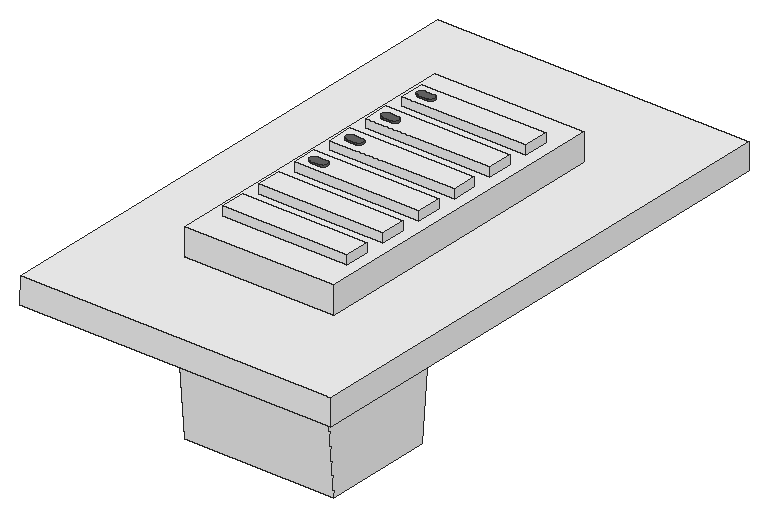
Revit family "NX_Specialty_Switch", category Electrical Equipment, host Face, Revit 2021
Family settings
  Host = Face
  Round Connector Dimension = Use Diameter
  Part Type = Equipment Switch
  OmniClass Number = 23.80.30.11.11
  OmniClass Title = Main Switches
  Cut with Voids When Loaded = No
  Shared = No
  Room Calculation Point = No
Parameters (values of type "NX")
  Weight = 0.045 kg  # constant formula
  Warranty = "Five-year limited"  # constant formula
  Voltage = "120V"
  URL = "https://www.currentlighting.com/nxlightingcontrols"
  Type Comments = "Electrical Equipment"  # constant formula
  Switch Type [instance] = NX-SS : NX-SS
  Relative Humidity = "0 to 95%"  # constant formula
  Product Page URL = ""
  Product Documentation Link = ""
  Power Requirements = "Powered by NX™ SmartPORT using plenum rated CAT5 cables"  # constant formula
  Power Factor = 1
  Operating Temperature = "32° to 104° [0° to 40°]"  # constant formula
  Operating Environment = "Indoor use only"  # constant formula
  Model = "NX Specialty Switches"  # constant formula
  Manufacturer = " NX Lighting Controls"  # constant formula
  Load Classification = Power
  Keynote = ""
  Device Material = Plastic - White
  Description = "Specialty Switch Stations"  # constant formula
  Default Elevation = 48.00"
  Copyright = "Copyright © NX Lighting Controls"  # constant formula
  Contact Us = ""
  Construction = "Housing - Rugged, high impact, injection molded plastic"  # constant formula
  Connector Description 1 = "Power Supply"  # constant formula
  Assembly Code = "D5020120"
  Apparent Load = 0.000 VA
Reference planes (in)
  plane 1 "Center (Front/Back)": y = 0
  plane 2 "Bottom": z = 0
  plane 3 "Center (Left/Right)": x = 0
Dimensions and locks (in)
  aligned and locked: plane 2 "Bottom" to host face
  aligned and locked: level to host face
  aligned and locked: plane 3 "Center (Left/Right)" to nested 1
  aligned and locked: plane 1 "Center (Front/Back)" to nested 1
  aligned and locked: plane 3 "Center (Left/Right)" to nested 2
  aligned and locked: plane 1 "Center (Front/Back)" to nested 2
Nested families (in)
  nested 1: "Switch" at (0, 0, 0), Product Material <- "Device Material", type "Switch"
    with Product Material Plastic - White
  nested 2: "NX-SS" at (0, 0, 0.425), type <- "Switch Type", type "NX-SS"
    with Product Material Plastic - White
Connectors (in)
  electrical at (0, 0, 0), driven by "Load Classification", driven by "Power Factor", driven by "Apparent Load", driven by "Connector Description 1"
    settings: on nested 1, index 1, voltage 120 V, apparent load 0.000 VA, apparent load phase1 0.000 VA, apparent load phase2 0.000 VA, apparent load phase3 0.000 VA, power factor 1, load classification "Power", number of poles 1, system type 30, power factor state 1, is connector primary yes, connector utility no, sub classification motor no, connector description "Power Supply"
Definition of nested family "Switch"
  Parameters
    URL = ""
    Type Comments = ""
    Product Page URL = ""
    Product Material [instance] = none
    Product Documentation Link = ""
    Model = ""
    Manufacturer = ""
    Keynote = ""
    Description = ""
    Default Elevation = 48.00"
  Reference planes (in)
    plane 1 "Center (Front/Back)": y = 0
    plane 2 "Bottom": z = 0
    plane 3 "Center (Left/Right)": x = 0
    plane 4: y = 2.08
    plane 5: z = 0.125
    plane 6: x = -0.86
    plane 7: y = -2.08
    plane 8: x = 0.86
    plane 9: x = -0.6
    plane 10: y = 1.36
    plane 11: y = -1.36
    plane 12: x = 0.6
    plane 13: y = 1.26
    plane 14: y = -1.26
    plane 15: z = -1.105
    plane 16: z = 0.425
    plane 17: x = -1.25
    plane 18: x = 1.25
    plane 19: y = 2.1
    plane 20: y = -2.1
    plane 21: x = -0.5
    plane 22: x = 0.5
    plane 23: z = 0.495
  Forms (in)
    Extrusion 1, solid
      sketch origin (0, 0, 0) x (1, 0, 0) y (0, 1, 0)
        loop
          line (-48, 48) -> (-48, -48) -> (48, -48) -> (48, 48) -> (-48, 48)
      from 0 to -12
    Extrusion 2, solid, material <- "Product Material"
      sketch origin (0, 0, 0) x (1, 0, 0) y (0, 1, 0)
        loop
          line (-0.86, 1.36) -> (-0.86, -1.36) -> (0.86, -1.36) -> (0.86, 1.36) -> (-0.86, 1.36)
      from 0 to 0.125
    Extrusion 3, solid, material <- "Product Material"
      sketch origin (0, 0, 0) x (1, 0, 0) y (0, 1, 0)
        loop
          line (-0.6, 2.08) -> (-0.6, 1.36) -> (0.6, 1.36) -> (0.6, 2.08) -> (-0.6, 2.08)
      from 0 to 0.125
    Extrusion 4, solid, material <- "Product Material"
      sketch origin (0, 0, 0) x (1, 0, 0) y (0, 1, 0)
        loop
          line (-0.6, -1.36) -> (-0.6, -2.08) -> (0.6, -2.08) -> (0.6, -1.36) -> (-0.6, -1.36)
      from 0 to 0.125
    Extrusion 5, solid, material <- "Product Material"
      sketch origin (0, 0, 0) x (1, 0, 0) y (0, 1, 0)
        loop
          line (-0.6, 1.26) -> (-0.6, -1.26) -> (0.6, -1.26) -> (0.6, 1.26) -> (-0.6, 1.26)
      from 0.125 to 0.425
    Extrusion 6, solid, material <- "Product Material"
      sketch origin (0, 0, 0) x (0, 1, 0) y (0, 0, 1)
        loop
          line (1.36, 0) -> (-1.36, 0) -> (-1.26, -1.105) -> (-0.37209, -1.105) -> (-0.3159, -0.48419) -> (1.26, -0.48419) -> (1.36, 0)
      from -0.6 to 0.6
    Extrusion 7, solid, material <- "Product Material"
      sketch origin (0, 0, 0) x (1, 0, 0) y (0, 1, 0)
        loop
          line (-1.25, 2.1) -> (-1.25, -2.1) -> (1.25, -2.1) -> (1.25, 2.1) -> (-1.25, 2.1)
        loop
          line (-0.6, 1.26) -> (-0.6, -1.26) -> (0.6, -1.26) -> (0.6, 1.26) -> (-0.6, 1.26)
      from 0 to 0.21096
  Dimensions and locks (in)
    locked: plane 4 to plane 7 at 4.16
    equal spacing: plane 6, plane 3 "Center (Left/Right)", plane 8
    locked: plane 6 to plane 8 at 1.72
    equal spacing: plane 10, plane 1 "Center (Front/Back)", plane 11
    locked: plane 11 to plane 10 at 2.72
    equal spacing: plane 4, plane 1 "Center (Front/Back)", plane 7
    equal spacing: plane 9, plane 3 "Center (Left/Right)", plane 12, locked at 0.6 each
    equal spacing: plane 14, plane 1 "Center (Front/Back)", plane 13, locked at 1.26 each  (x2)
    locked: plane 5 to plane 15 at 1.23
    locked: plane 5 to plane 2 "Bottom" at 0.125
    locked: plane 16 to plane 15 at 1.53
    equal spacing: plane 17, plane 3 "Center (Left/Right)", plane 18, locked at 1.25 each
    equal spacing: plane 19, plane 1 "Center (Front/Back)", plane 20, locked at 2.1 each
    equal spacing: plane 21, plane 3 "Center (Left/Right)", plane 22, locked at 0.5 each
    locked: plane 23 to plane 16 at 0.07
    plane 13 to plane 14 = 2.52"
    plane 14 to plane 13 = 2.52"
    aligned and locked: plane 2 "Bottom" to Extrusion 1
    aligned and locked: level to Extrusion 1
    aligned and locked: plane 10 to Extrusion 2 sketch curve
    aligned and locked: plane 6 to Extrusion 2 sketch curve
    aligned and locked: plane 11 to Extrusion 2 sketch curve
    aligned and locked: plane 8 to Extrusion 2 sketch curve
    aligned and locked: plane 5 to Extrusion 2
    aligned and locked: Extrusion 2 to plane 2 "Bottom"
    aligned and locked: plane 4 to Extrusion 3 sketch curve
    aligned and locked: plane 9 to Extrusion 3 sketch curve
    aligned and locked: Extrusion 3 sketch curve to plane 10
    aligned and locked: plane 12 to Extrusion 3 sketch curve
    aligned and locked: Extrusion 4 sketch curve to plane 11
    aligned and locked: plane 9 to Extrusion 4 sketch curve
    aligned and locked: plane 7 to Extrusion 4 sketch curve
    aligned and locked: plane 12 to Extrusion 4 sketch curve
    aligned and locked: Extrusion 4 to plane 2 "Bottom"
    aligned and locked: plane 5 to Extrusion 4
    aligned and locked: Extrusion 3 to plane 2 "Bottom"
    aligned and locked: plane 5 to Extrusion 3
    aligned and locked: plane 13 to Extrusion 5 sketch curve
    aligned and locked: plane 9 to Extrusion 5 sketch curve
    aligned and locked: plane 14 to Extrusion 5 sketch curve
    aligned and locked: plane 12 to Extrusion 5 sketch curve
    aligned and locked: Extrusion 5 to plane 5
    aligned and locked: plane 16 to Extrusion 5
    aligned and locked: Extrusion 6 to plane 9
    aligned and locked: Extrusion 6 to plane 12
    aligned and locked: plane 19 to Extrusion 7 sketch curve
    aligned and locked: plane 17 to Extrusion 7 sketch curve
    aligned and locked: plane 20 to Extrusion 7 sketch curve
    aligned and locked: plane 18 to Extrusion 7 sketch curve
    aligned and locked: Extrusion 7 sketch curve to Extrusion 5  (x4)
    aligned and locked: Extrusion 7 to plane 2 "Bottom"
  Automatic sketch dimensions
    Extrusion 1 sketch curve to Extrusion 1 sketch curve = 96.00"  (x2)
    Extrusion 6 sketch curve to level = 0.00"
    Extrusion 6 sketch curve to plane 11 = 0.00"
    Extrusion 6 sketch curve to plane 14 = 0.00"
    Extrusion 6 sketch curve to plane 15 = 0.00"
    Extrusion 6 sketch curve to plane 13 = 0.00"
    Extrusion 6 sketch curve to plane 10 = 0.00"
    Extrusion 6 sketch curve to level = 0.48419"
    plane 1 "Center (Front/Back)" to Extrusion 6 sketch curve = 0.37209"
    plane 1 "Center (Front/Back)" to Extrusion 6 sketch curve = 0.3159"
Definition of nested family "NX-SS"
  Parameters
    URL = ""
    Type Comments = ""
    Text = none
    Product Page URL = ""
    Product Material [instance] = none
    Product Documentation Link = ""
    Model = ""
    Manufacturer = ""
    Keynote = ""
    Description = ""
    Default Elevation = 48.00"
  Reference planes (in)
    plane 1 "Center (Front/Back)": y = 0
    plane 2 "Bottom": z = 0
    plane 3 "Center (Left/Right)": x = 0
    plane 4: z = 0.07
    plane 5: z = 0.03
    plane 6: x = -0.5
    plane 7: x = 0.5
    plane 8: z = 0.08
    plane 9: y = 0.8
    plane 10: y = 1
    plane 11: y = 0.44
    plane 12: y = 0.64
    plane 13: y = 0.08
    plane 14: y = 0.28
    plane 15: y = -0.28
    plane 16: y = -0.08
    plane 17: y = -0.64
    plane 18: y = -0.44
    plane 19: y = -1
    plane 20: y = -0.8
  Forms (in)
    Extrusion 1, solid
      sketch origin (0, 0, 0) x (1, 0, 0) y (0, 1, 0)
        loop
          line (-48, 48) -> (-48, -48) -> (48, -48) -> (48, 48) -> (-48, 48)
      from 0 to -12
    Extrusion 2, solid, material <- "Product Material"
      sketch origin (0, 1.10502, 0) x (1, 0, 0) y (0, 1, 0)
        loop
          line (-0.5, -0.30502) -> (0.5, -0.30502) -> (0.5, -0.10502) -> (-0.5, -0.10502) -> (-0.5, -0.30502)
      from 0 to 0.07
    Extrusion 3, solid, material <- "Product Material"
      sketch origin (0, 0.78423, 0) x (1, 0, 0) y (0, 1, 0)
        loop
          line (-0.5, -0.34423) -> (0.5, -0.34423) -> (0.5, -0.14423) -> (-0.5, -0.14423) -> (-0.5, -0.34423)
      from 0 to 0.07
    Extrusion 4, solid, material <- "Product Material"
      sketch origin (0, 0.41973, 0) x (1, 0, 0) y (0, 1, 0)
        loop
          line (-0.5, -0.33973) -> (0.5, -0.33973) -> (0.5, -0.13973) -> (-0.5, -0.13973) -> (-0.5, -0.33973)
      from 0 to 0.07
    Extrusion 5, solid, material <- "Product Material"
      sketch origin (0, -0.08027, 0) x (1, 0, 0) y (0, 1, 0)
        loop
          line (-0.5, -0.19973) -> (0.5, -0.19973) -> (0.5, 0.00027) -> (-0.5, 0.00027) -> (-0.5, -0.19973)
      from 0 to 0.07
    Extrusion 6, solid, material <- "Product Material"
      sketch origin (0, -0.44802, 0) x (1, 0, 0) y (0, 1, 0)
        loop
          line (-0.5, -0.19198) -> (0.5, -0.19198) -> (0.5, 0.00802) -> (-0.5, 0.00802) -> (-0.5, -0.19198)
      from 0 to 0.07
    Extrusion 7, solid, material <- "Product Material"
      sketch origin (0, -0.94802, 0) x (1, 0, 0) y (0, 1, 0)
        loop
          line (-0.5, -0.05198) -> (0.5, -0.05198) -> (0.5, 0.14802) -> (-0.5, 0.14802) -> (-0.5, -0.05198)
      from 0 to 0.07
    Extrusion 8, solid, material <- "Text"
      sketch origin (-0.00824, 57.86278, 0.07) x (0, 1, 0) y (-1, 0, 0)
        loop
          arc (-57.65151, 0.40567) -> (-57.68752, 0.44168) -> (-57.72353, 0.40567) r 0.03601
          line (-57.72353, 0.40567) -> (-57.72353, 0.33797)
          arc (-57.72353, 0.33797) -> (-57.68752, 0.30196) -> (-57.65151, 0.33797) r 0.03601
          line (-57.65151, 0.33797) -> (-57.65151, 0.40567)
        loop
          arc (-57.29151, 0.40567) -> (-57.32752, 0.44168) -> (-57.36353, 0.40567) r 0.03601
          line (-57.36353, 0.40567) -> (-57.36353, 0.33797)
          arc (-57.36353, 0.33797) -> (-57.32752, 0.30196) -> (-57.29151, 0.33797) r 0.03601
          line (-57.29151, 0.33797) -> (-57.29151, 0.40567)
        loop
          arc (-56.93151, 0.40567) -> (-56.96752, 0.44168) -> (-57.00353, 0.40567) r 0.03601
          line (-57.00353, 0.40567) -> (-57.00353, 0.33797)
          arc (-57.00353, 0.33797) -> (-56.96752, 0.30196) -> (-56.93151, 0.33797) r 0.03601
          line (-56.93151, 0.33797) -> (-56.93151, 0.40567)
        loop
          arc (-58.01151, 0.40567) -> (-58.04752, 0.44168) -> (-58.08353, 0.40567) r 0.03601
          line (-58.08353, 0.40567) -> (-58.08353, 0.33797)
          arc (-58.08353, 0.33797) -> (-58.04752, 0.30196) -> (-58.01151, 0.33797) r 0.03601
          line (-58.01151, 0.33797) -> (-58.01151, 0.40567)
      from -0.04 to 0.01
  Lines and regions (in)
    model lines
      curve 1: line (-0.1092, -0.5666, 0.07) -> (0, -0.50356, 0.07)
      curve 2: line (-0.1092, -0.5841, 0.07) -> (0, -0.52106, 0.07)
      curve 3: line (0.1092, -0.5666, 0.07) -> (0, -0.50356, 0.07)
      curve 4: line (0.1092, -0.5841, 0.07) -> (0, -0.52106, 0.07)
      curve 5: line (-0.1092, -0.9266, 0.07) -> (0, -0.86356, 0.07)
      curve 6: line (-0.1092, -0.9441, 0.07) -> (0, -0.88106, 0.07)
      curve 7: line (0.1092, -0.9266, 0.07) -> (0, -0.86356, 0.07)
      curve 8: line (0.1092, -0.9441, 0.07) -> (0, -0.88106, 0.07)
  Dimensions and locks (in)
    equal spacing: plane 6, plane 3 "Center (Left/Right)", plane 7, locked at 0.5 each
    plane 8 to plane 5 = 0.05"
    plane 9 to plane 10 = 0.20"
    plane 11 to plane 12 = 0.20"
    plane 13 to plane 14 = 0.20"
    plane 15 to plane 16 = 0.20"
    plane 17 to plane 18 = 0.20"
    plane 19 to plane 20 = 0.20"
    locked: plane 4 to plane 2 "Bottom" at 0.07
    aligned and locked: plane 2 "Bottom" to Extrusion 1
    aligned and locked: level to Extrusion 1
    aligned and locked: Extrusion 7 to plane 2 "Bottom"
    aligned and locked: plane 4 to Extrusion 7
    aligned and locked: Extrusion 6 to plane 2 "Bottom"
    aligned and locked: plane 4 to Extrusion 6
    aligned and locked: Extrusion 5 to plane 2 "Bottom"
    aligned and locked: plane 4 to Extrusion 5
    aligned and locked: Extrusion 4 to plane 2 "Bottom"
    aligned and locked: Extrusion 3 to plane 2 "Bottom"
    aligned and locked: Extrusion 2 to plane 2 "Bottom"
    aligned and locked: plane 4 to Extrusion 4
    aligned and locked: plane 4 to Extrusion 3
    aligned and locked: plane 4 to Extrusion 2
    aligned and locked: plane 5 to Extrusion 8
    aligned and locked: plane 8 to Extrusion 8
  Automatic sketch dimensions
    Extrusion 1 sketch curve to Extrusion 1 sketch curve = 96.00"  (x2)
    Extrusion 2 sketch curve to plane 6 = 0.00"
    Extrusion 2 sketch curve to plane 7 = 0.00"
    Extrusion 2 sketch curve to plane 10 = 0.00"
    plane 9 to Extrusion 2 sketch curve = 0.00"
    Extrusion 3 sketch curve to plane 6 = 0.00"
    Extrusion 3 sketch curve to plane 7 = 0.00"
    Extrusion 3 sketch curve to plane 12 = 0.00"
    plane 11 to Extrusion 3 sketch curve = 0.00"
    Extrusion 4 sketch curve to plane 6 = 0.00"
    Extrusion 4 sketch curve to plane 7 = 0.00"
    Extrusion 4 sketch curve to plane 14 = 0.00"
    plane 13 to Extrusion 4 sketch curve = 0.00"
    Extrusion 5 sketch curve to plane 6 = 0.00"
    Extrusion 5 sketch curve to plane 7 = 0.00"
    Extrusion 5 sketch curve to plane 16 = 0.00"
    plane 15 to Extrusion 5 sketch curve = 0.00"
    Extrusion 6 sketch curve to plane 6 = 0.00"
    Extrusion 6 sketch curve to plane 7 = 0.00"
    Extrusion 6 sketch curve to plane 18 = 0.00"
    plane 17 to Extrusion 6 sketch curve = 0.00"
    Extrusion 7 sketch curve to plane 6 = 0.00"
    Extrusion 7 sketch curve to plane 7 = 0.00"
    Extrusion 7 sketch curve to plane 20 = 0.00"
    plane 19 to Extrusion 7 sketch curve = 0.00"
    Extrusion 8 sketch curve to plane 15 = 0.05925"
    Extrusion 8 sketch curve to Extrusion 8 sketch curve = 0.03601"  (x4)
    Extrusion 8 sketch curve to plane 13 = 0.05925"
    Extrusion 8 sketch curve to plane 11 = 0.05925"
    Extrusion 8 sketch curve to plane 9 = 0.05925"
    plane 6 to Extrusion 8 sketch curve = 0.15379"  (x4)
    Extrusion 8 sketch curve to Extrusion 8 sketch curve = 0.0677"  (x4)
    Extrusion 7 to curve 1 = 0.3908"
    curve 1 to Extrusion 7 = 0.29644"
    Extrusion 7 to curve 6 = 0.0559"
    curve 6 to curve 1 = 0.00"
    curve 2 to curve 1 = 0.00"
    Extrusion 7 to curve 5 = 0.0734"
    curve 5 to curve 6 = 0.00"
    curve 1 to curve 1 = 0.1092"
    curve 5 to curve 7 = 0.1092"
    curve 4 to curve 1 = 0.00"
    Extrusion 7 to curve 5 = 0.06356"
    Extrusion 7 to curve 8 = 0.08106"
    curve 8 to curve 5 = 0.00"
    curve 2 to curve 4 = 0.1092"
    Extrusion 7 to curve 8 = 0.0559"
    curve 6 to curve 8 = 0.1092"
    curve 3 to curve 4 = 0.00"
    Extrusion 7 to curve 7 = 0.0734"
    curve 7 to curve 8 = 0.00"
    curve 1 to curve 2 = 0.0175"  (x2)
    curve 2 to curve 3 = 0.04555"
    curve 2 to curve 1 = 0.04555"
    curve 3 to curve 4 = 0.0175"
